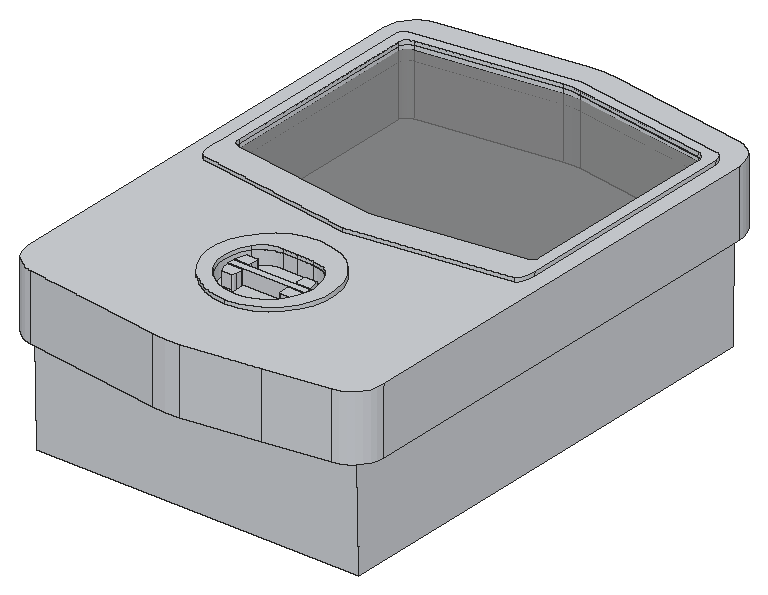
Revit family "Building-RicaricaVeicoliElettrici-GEWISS-JOINON-ICON", category Apparecchi elettrici, host Superficie, Revit 2019
Family settings
  Host = Superficie
  Mantenere orientamento annotazione = Sì
  Quota connettore circolare = Usa diametro
  Tipo di parte = Normale
  Taglio con vuoti quando caricato = No
  Condiviso = No
  Punto di calcolo locali = Sì
Parameters (values of type "GWJ3103A - JOINON I-CON AUTOSTART DLM 11KW T2")
  visibilita posizionamento 2d [instance] = yes
  simbolo acceso [instance] = yes
  oggetto in pianta [instance] = not(visibilita posizionamento 2d)  # no
  distanza_simbolo [instance] = 1 mm
  distanza dal piano [instance] = 10 mm
  W = 115 mm  # constant formula
  Voltaggio = 0 V
  Versione file RFA = "19.4"
  VETRO = Vetro
  URL = "https://www.gewiss.com/it/it"
  Trattamento esterno = "No"
  Tipologia Presa: = "Tipo 2 antivandalo con shutter"
  Tipo di protezione differenziale = "Attualmente non presente"
  Tipo di installazione e montaggio = "A parete o su supporto a pavimento"
  Tensione nominale di isolamento (Ui) = "400 Volt"
  Tensione nominale = "400 Volt"
  Temperatura di utilizzo = "-25 +50 °C"
  Spostamento_effettivo_S [instance] = 4000 mm - Spostamento_S  # 2500 mm
  Spostamento_S = 1500 mm
  Simbolo circuito [instance] = not(simbolo acceso)  # no
  Segnalazione BACKLIGHT = ""
  STRUTTURA ALTA = blue
  STRUTTURA = RAL - 7035
  Riarmo protezioni da remoto = "Attualmente non presente"
  Resistenza agli urti = "IK10"
  RFID = ""
  Protezioni = "DC Leak 6mA"
  Protezione magnetotermica = "Attualmente non presente"
  Default Elevation = 1219.2 mm
  Produttore = "GEWISS S.p.A."
  Potenza max = "11 Chilowatt"
  Potenza di ricarica = "11 kW"
  Potenza complessiva: = "11 Chilowatt"
  Personalizzabile: = "SI (frontale)"
  PRESA = Giallo
  POMELLO = bianco
  OUTPUT : = "-"
  Numero di prese (tipo) = "1 (Tipo 2, con shutter)"
  N.poli = 1
  N. Prese Tipo 2 = "1"
  Morsettiera: = "5 x 10 mm²"
  Modello = "GWJ3103A"
  Materiale = "Termoplastico (origine Post Industrial)"
  L = 155 mm  # constant formula
  Immagine tipo = ICON.jpg
  INPUT: = "-"
  IDF = "39411672-1068-4547-af07-d1586e25650a"
  Human Interface = "Led RGB"
  Grado di protezione = "IP55"
  FORMULA = 1000 mm * 1  # 1000 mm
  Descrizione = "JOINON I-CON AUTOSTART DLM 11KW T2"
  DC Leakage check = "Si"
  Creato da GEWISS S.p.A. = ""
  Corrente nominale: = "16 Ampere"
  Corrente erogata (max): = "16 Ampere"
  Contatore energia = ""
  Contatore di energia = "Attualmente non presente"
  ConnettivitÃ : = "BLE"
  Colore = "Grigio scuro"
  Codice Electrocod = "2242"
  Caratteristiche meccaniche = "-"
  COBie.Tagnumber = ""
  COBie.CreatedOn = ""
  COBie.CreatebBy = ""
  COBie.ComponentRegisterItemID = ""
  COBie.Component.TagNumber = ""
  COBie.Component.Space = ""
  COBie.Component.SerialNumber = ""
  COBie.Component.InstallationDate = ""
  COBie.Component.Description = ""
  COBie.Component.BarCode = ""
  BLOCCO = "B=C"
  Attivazione ricarica = "Accesso Libero, con gestione dinamica dei carichi"
Types (13, lengths in mm): name | Tensione nominale di isolamento (Ui) | Tensione nominale | Segnalazione BACKLIGHT | RFID | Potenza max | Potenza di ricarica | Potenza complessiva: | Numero di prese (tipo) | Morsettiera: | Modello | Descrizione | Corrente nominale: | Corrente erogata (max): | Contatore energia | Contatore di energia | ConnettivitÃ : | Attivazione ricarica
  GWJ3001A - JOINON I-CON AUTOSTART SEL100-60-30 4,6KW (NO INCASSO) T2 | "230 Volt" | "230 Volt" | "" | "" | "4,6 Chilowatt" | "4,6 kW" | "4,6 Chilowatt" | "1 (Tipo 2, con shutter)" | "3 x 10 mm²" | "GWJ3001A" | "JOINON I-CON AUTOSTART SEL100-60-30 4,6KW (NO INCASSO) T2" | "20 Ampere" | "20 Ampere" | "" | "Attualmente non presente" | "No" | "Accesso Libero"
  GWJ3002A - JOINON I-CON AUTOSTART SEL100-60-30 7,4KW (NO INCASSO) T2 | "230 Volt" | "230 Volt" | "" | "" | "7,4 Chilowatt" | "7,4 kW" | "7,4 Chilowatt" | "1 (Tipo 2, con shutter)" | "3 x 10 mm²" | "GWJ3002A" | "JOINON I-CON AUTOSTART SEL100-60-30 7,4KW (NO INCASSO) T2" | "32 Ampere" | "32 Ampere" | "" | "Attualmente non presente" | "No" | "Accesso Libero"
  GWJ3003A - JOINON I-CON AUTOSTART SEL100-60-30 11KW (NO INCASSO) T2 | "400 Volt" | "400 Volt" | "" | "" | "11 Chilowatt" | "11 kW" | "11 Chilowatt" | "1 (Tipo 2, con shutter)" | "5 x 10 mm²" | "GWJ3003A" | "JOINON I-CON AUTOSTART SEL100-60-30 11KW (NO INCASSO) T2" | "16 Ampere" | "16 Ampere" | "" | "Attualmente non presente" | "No" | "Accesso Libero"
  GWJ3004A - JOINON I-CON AUTOSTART SEL100-60-30 22KW (NO INCASSO) T2 | "400 Volt" | "400 Volt" | "" | "" | "22 Chilowatt" | "22 kW" | "22 Chilowatt" | "1 (Tipo 2, con shutter)" | "5 x 10 mm²" | "GWJ3004A" | "JOINON I-CON AUTOSTART SEL100-60-30 22KW (NO INCASSO) T2" | "32 Ampere" | "32 Ampere" | "" | "Attualmente non presente" | "No" | "Accesso Libero"
  GWJ3101A - JOINON I-CON AUTOSTART DLM 4,6KW T2 | "230 Volt" | "230 Volt" | "" | "" | "4,6 Chilowatt" | "4,6 kW" | "4,6 Chilowatt" | "1 (Tipo 2, con shutter)" | "3 x 10 mm²" | "GWJ3101A" | "JOINON I-CON AUTOSTART DLM 4,6KW T2" | "20 Ampere" | "20 Ampere" | "" | "Attualmente non presente" | "BLE" | "Accesso Libero, con gestione dinamica dei carichi"
  GWJ3102A - JOINON I-CON AUTOSTART DLM 7,4KW T2 | "230 Volt" | "230 Volt" | "" | "" | "7,4 Chilowatt" | "7,4 kW" | "7,4 Chilowatt" | "1 (Tipo 2, con shutter)" | "3 x 10 mm²" | "GWJ3102A" | "JOINON I-CON AUTOSTART DLM 7,4KW T2" | "32 Ampere" | "32 Ampere" | "" | "Attualmente non presente" | "BLE" | "Accesso Libero, con gestione dinamica dei carichi"
  GWJ3103A - JOINON I-CON AUTOSTART DLM 11KW T2 | "400 Volt" | "400 Volt" | "" | "" | "11 Chilowatt" | "11 kW" | "11 Chilowatt" | "1 (Tipo 2, con shutter)" | "5 x 10 mm²" | "GWJ3103A" | "JOINON I-CON AUTOSTART DLM 11KW T2" | "16 Ampere" | "16 Ampere" | "" | "Attualmente non presente" | "BLE" | "Accesso Libero, con gestione dinamica dei carichi"
  GWJ3002R - JOINON I-CON RFID 7,4KW T2 | "230 Volt" | "230 Volt" | "Si" | "Si" | "7,4 Chilowatt" | "7,4 kW" | "7,4 Chilowatt" | "1 (Tipo 2, anti-vandalo con shutter)" | "3 x 10 mm²" | "GWJ3002R" | "JOINON I-CON RFID 7,4KW T2" | "32 Ampere" | "32 Ampere" | "No" | "Attualmente non presente" | "No" | "Gestito localmente, via RFID"
  GWJ3004R - JOINON I-CON RFID 22KW T2 | "400 Volt" | "400 Volt" | "" | "Si" | "22 Chilowatt" | "22 kW" | "22 Chilowatt" | "1 (Tipo 2, anti-vandalo con shutter)" | "5 x 10 mm²" | "GWJ3004R" | "JOINON I-CON RFID 22KW T2" | "32 Ampere" | "32 Ampere" | "No" | "Attualmente non presente" | "No" | "Gestito localmente, via RFID"
  GWJ3002L - JOINON I-CON CLOUD LAN 7,4KW MID T2 | "230 Volt" | "230 Volt" | "" | "Si" | "7,4 Chilowatt" | "7,4 kW" | "7,4 Chilowatt" | "1 (Tipo 2, anti-vandalo con shutter)" | "3 x 10 mm²" | "GWJ3002L" | "JOINON I-CON CLOUD LAN 7,4KW MID T2" | "32 Ampere" | "32 Ampere" | "SI (Tipo MID)" | "SI (Tipo MID)" | "LAN" | "Gestito da remoto, via OCPP 1.6J"
  GWJ3004L - JOINON I-CON CLOUD LAN 22KW MID T2 | "400 Volt" | "400 Volt" | "" | "Si" | "22 Chilowatt" | "22 kW" | "22 Chilowatt" | "1 (Tipo 2, anti-vandalo con shutter)" | "5 x 10 mm²" | "GWJ3004L" | "JOINON I-CON CLOUD LAN 22KW MID T2" | "32 Ampere" | "32 Ampere" | "SI (Tipo MID)" | "SI (Tipo MID)" | "LAN" | "Gestito da remoto, via OCPP 1.6J"
  GWJ3002W - JOINON I-CON CLOUD 4G LAN 7,4KW MID T2 | "230 Volt" | "230 Volt" | "" | "Si" | "7,4 Chilowatt" | "7,4 kW" | "7,4 Chilowatt" | "1 (Tipo 2, anti-vandalo con shutter)" | "3 x 10 mm²" | "GWJ3002W" | "JOINON I-CON CLOUD 4G LAN 7,4KW MID T2" | "32 Ampere" | "32 Ampere" | "SI (Tipo MID)" | "SI (Tipo MID)" | "LAN, 4G" | "Gestito da remoto, via OCPP 1.6J"
  GWJ3004W - JOINON I-CON CLOUD 4G LAN 22KW MID T2 | "400 Volt" | "400 Volt" | "" | "Si" | "22 Chilowatt" | "22 kW" | "22 Chilowatt" | "1 (Tipo 2, anti-vandalo con shutter)" | "5 x 10 mm²" | "GWJ3004W" | "JOINON I-CON CLOUD 4G LAN 22KW MID T2" | "32 Ampere" | "32 Ampere" | "SI (Tipo MID)" | "SI (Tipo MID)" | "LAN, 4G" | "Gestito da remoto, via OCPP 1.6J"
Reference planes
  plane 1 "Centro (Fronte/Retro)": y = 0
  plane 2: z = 0
  plane 3 "Centro (Sinistra/Destra)": x = 0
  plane 4: x = -3000
  plane 5: x = -500
  plane 6: z = 10
Dimensions and locks
  plane 4 to plane 3 "Centro (Sinistra/Destra)" = 3000 mm
  "Spostamento_effettivo_S": plane 4 to plane 5
  "distanza dal piano": plane 6 to plane 2
  aligned and locked: plane 2 to host face
  aligned and locked: level to host face
  aligned and locked: nested 2 to plane 5
Automatic sketch dimensions
  host sketch curve to host sketch curve = 2438.4 mm  (x2)
Nested families
  nested 1: "BASE_I-CON CON PRESA FISSA" at (0, 0, 0), type "BASE_I-CON CON PRESA FISSA"
  nested 2: "simb_ev_o3" at (-500, 214.941, 0), Distanza dal muro <- "distanza_simbolo", type "2P"
    with Distanza dal muro 1 mm
Connectors
  electrical at (0.281, 219.499, 0)
    settings: on nested 1, index 1, voltage 0 V, apparent load 0 VA, apparent load phase1 0 VA, apparent load phase2 0 VA, apparent load phase3 0 VA, power factor 1, load classification "Altro", number of poles 1, system type 31, power factor state 1, is connector primary yes, connector utility no, sub classification motor no, connector description ""
Definition of nested family "BASE_I-CON CON PRESA FISSA"
  Parameters (values of type "BASE_I-CON CON PRESA FISSA")
    POTENZA IN WOLT = 0 V
    N_POLI = 1
    CENTRALE = none
  Reference planes
    plane 1 "Centro (Fronte/Retro)": y = 0
    plane 2: z = 0
    plane 3 "Centro (Sinistra/Destra)": x = 0
    plane 4 "EEE": through (4267.2, -291.041, 143.375) normal (0, -0.788, -0.6157)
    plane 5: x = 48
    plane 6: x = -141.324
    plane 7: x = 141.324
    plane 8: x = -136.646
    plane 9: x = 136.646
    plane 10: x = -127.947
    plane 11: x = 128.509
    plane 12: z = 133.866
    plane 13: z = 125.731
    plane 14: z = 137
    plane 15: z = 140
    plane 16: y = 104.612
    plane 17: z = 84.731
  Forms (mm)
    Extrusion 1, solid, not visible
      sketch origin (0, 200.09, -256.103) x (0, 1, 0) y (0, 0, 1)
        loop
          line (-322.202, 218.222) -> (-266.481, 146.902) -> (-251.685, 146.876) -> (-251.685, 134.073) -> (-238.63, 134.073) -> (-238.63, 266.073) -> (-251.685, 266.073) -> (-251.685, 242.988) -> (-260.817, 242.988)
          arc (-260.817, 242.988) -> (-271.303, 241.907) -> (-281.357, 238.739) r 51.89
          line (-281.357, 238.739) -> (-239.989, 200.756)
          arc (-239.989, 200.756) -> (-243.657, 186.196) -> (-258.66, 185.608) r 12.53
          arc (-258.66, 185.608) -> (-277.82, 196.415) -> (-294.049, 211.266) r 96.883
          arc (-294.049, 211.266) -> (-301.135, 220.206) -> (-308.19, 229.17) r 3334.308
          line (-308.19, 229.17) -> (-322.202, 218.222)
      from 0 to 71
    Extrusion 2, solid, not visible
      sketch origin (0, 200.09, -256.103) x (0, 1, 0) y (0, 0, 1)
        loop
          arc (-313.71, 246.882) -> (-293.021, 210.103) -> (-258.66, 185.608) r 96.883
          arc (-258.66, 185.608) -> (-243.657, 186.196) -> (-239.989, 200.756) r 12.53
          line (-239.989, 200.756) -> (-280.857, 238.28)
          arc (-280.857, 238.28) -> (-296.734, 241.043) -> (-310.55, 249.339) r 43.984
          line (-310.55, 249.339) -> (-313.71, 246.882)
      from 0 to 71
    Extrusion 3, solid, not visible
      sketch origin (0, 200.09, -256.103) x (0, 1, 0) y (0, 0, 1)
        loop
          line (-322.202, 218.222) -> (-338.825, 205.235) -> (-290.465, 143.337)
          arc (-290.465, 143.337) -> (-278.287, 143.866) -> (-266.482, 146.903) r 58.569
          line (-266.482, 146.903) -> (-322.202, 218.222)
      from 0 to 71
    Extrusion 4, solid, not visible
      sketch origin (2.5, 142.247, -281.955) x (0, 0.615661, -0.788011) y (1, 0, 0)
        loop
          circle (-320.903, 33.712) r 30
      from 79.145 to 104.145
    Extrusion 5, solid, not visible
      sketch origin (0, 0, 0) x (0, 1, 0) y (0, 0, 1)
        loop
          line (-38.54, 9.97) -> (-38.54, -124.428) -> (-37.165, -124.428) -> (-37.165, 9.97) -> (-38.54, 9.97)
      from 0 to 71
    Extrusion 6, solid
      sketch origin (0, 0, 0) x (1, 0, 0) y (0, 1, 0)
        loop
          line (69.781, 10.962) -> (119.713, 17.98)
          arc (119.713, 17.98) -> (135.166, 26.37) -> (141.324, 42.84) r 25.105
          line (141.324, 42.84) -> (141.324, 396.518)
          arc (141.324, 396.518) -> (135.166, 412.988) -> (119.713, 421.378) r 25.105
          line (119.713, 421.378) -> (11.149, 436.636)
          arc (11.149, 436.636) -> (0.281, 437.396) -> (-10.588, 436.636) r 78.094
          line (-10.588, 436.636) -> (-119.713, 421.299)
          arc (-119.713, 421.299) -> (-135.166, 412.909) -> (-141.324, 396.439) r 25.105
          line (-141.324, 396.439) -> (-141.324, 42.919)
          arc (-141.324, 42.919) -> (-135.166, 26.449) -> (-119.713, 18.059) r 25.105
          line (-119.713, 18.059) -> (-10.857, 2.76)
          arc (-10.857, 2.76) -> (0.011, 1.992) -> (10.88, 2.744) r 78.094
          line (10.88, 2.744) -> (69.781, 10.962)
      from 84.731 to 137
    Extrusion 7, void
      sketch origin (0, 0, 0) x (1, 0, 0) y (0, 1, 0)
        loop
          line (-6.412, 405.303) -> (-112.823, 390.348)
          arc (-112.823, 390.348) -> (-117.747, 387.674) -> (-119.71, 382.426) r 8
          line (-119.71, 382.426) -> (-119.71, 224.237)
          arc (-119.71, 224.237) -> (-117.993, 219.644) -> (-113.684, 217.305) r 7
          line (-113.684, 217.305) -> (-6.599, 202.255)
          arc (-6.599, 202.255) -> (0.29, 201.773) -> (7.179, 202.255) r 49.5
          line (7.179, 202.255) -> (114.265, 217.305)
          arc (114.265, 217.305) -> (118.573, 219.644) -> (120.29, 224.237) r 7
          line (120.29, 224.237) -> (120.29, 382.426)
          arc (120.29, 382.426) -> (118.328, 387.674) -> (113.404, 390.348) r 8
          line (113.404, 390.348) -> (6.992, 405.303)
          arc (6.992, 405.303) -> (0.29, 405.772) -> (-6.412, 405.303) r 48.155
      from 84.731 to 137
    Extrusion 8, solid
      sketch origin (0, 0, 0) x (1, 0, 0) y (0, 1, 0)
        loop
          arc (-112.823, 390.348) -> (-117.747, 387.674) -> (-119.71, 382.426) r 8
          line (-119.71, 382.426) -> (-119.71, 224.237)
          arc (-119.71, 224.237) -> (-117.993, 219.644) -> (-113.684, 217.305) r 7
          line (-113.684, 217.305) -> (-6.599, 202.255)
          arc (-6.599, 202.255) -> (0.29, 201.773) -> (7.179, 202.255) r 49.5
          line (7.179, 202.255) -> (114.265, 217.305)
          arc (114.265, 217.305) -> (118.573, 219.644) -> (120.29, 224.237) r 7
          line (120.29, 224.237) -> (120.29, 382.426)
          arc (120.29, 382.426) -> (118.328, 387.674) -> (113.404, 390.348) r 8
          line (113.404, 390.348) -> (6.992, 405.303)
          arc (6.992, 405.303) -> (0.29, 405.772) -> (-6.412, 405.303) r 48.155
          line (-6.412, 405.303) -> (-112.823, 390.348)
      from 125.731 to 133.866
    Extrusion 9, solid
      sketch origin (0, 0, 0) x (1, 0, 0) y (0, 1, 0)
        loop
          line (-124.082, 195.284) -> (0.281, 177.806) -> (123.363, 195.104)
          spline (123.363, 195.104) -> (124.156, 195.312) -> (124.89, 195.698) -> (125.561, 196.261) -> (126.169, 196.998) -> (126.709, 197.908) -> (127.182, 198.987) -> (127.584, 200.231) -> (127.916, 201.637) -> (128.174, 203.199) -> (128.36, 204.912) -> (128.472, 206.77) -> (128.509, 208.768)
          line (128.509, 208.768) -> (128.509, 388.713)
          spline (128.509, 388.713) -> (128.452, 389.903) -> (128.28, 391.028) -> (127.995, 392.083) -> (127.598, 393.062) -> (127.091, 393.959) -> (126.477, 394.77) -> (125.76, 395.491) -> (124.942, 396.117) -> (124.028, 396.646) -> (123.023, 397.075) -> (121.933, 397.402) -> (120.762, 397.624)
          line (120.762, 397.624) -> (0.281, 414.557) -> (-120.2, 397.624)
          spline (-120.2, 397.624) -> (-121.371, 397.402) -> (-122.461, 397.075) -> (-123.466, 396.646) -> (-124.38, 396.117) -> (-125.198, 395.491) -> (-125.916, 394.77) -> (-126.53, 393.959) -> (-127.036, 393.062) -> (-127.433, 392.083) -> (-127.718, 391.028) -> (-127.89, 389.903) -> (-127.947, 388.713)
          line (-127.947, 388.713) -> (-127.947, 217.73)
          spline (-127.947, 217.73) -> (-128.249, 214.663) -> (-128.436, 211.771) -> (-128.508, 209.068) -> (-128.463, 206.57) -> (-128.303, 204.29) -> (-128.027, 202.24) -> (-127.638, 200.43) -> (-127.137, 198.871) -> (-126.528, 197.57) -> (-125.813, 196.536) -> (-124.996, 195.772) -> (-124.082, 195.284)
        loop
          line (-6.412, 405.303) -> (-112.823, 390.348)
          arc (-112.823, 390.348) -> (-117.747, 387.674) -> (-119.71, 382.426) r 8
          line (-119.71, 382.426) -> (-119.71, 224.237)
          arc (-119.71, 224.237) -> (-117.993, 219.644) -> (-113.684, 217.305) r 7
          line (-113.684, 217.305) -> (-6.599, 202.255)
          arc (-6.599, 202.255) -> (0.29, 201.773) -> (7.179, 202.255) r 49.5
          line (7.179, 202.255) -> (114.265, 217.305)
          arc (114.265, 217.305) -> (118.573, 219.644) -> (120.29, 224.237) r 7
          line (120.29, 224.237) -> (120.29, 382.426)
          arc (120.29, 382.426) -> (118.328, 387.674) -> (113.404, 390.348) r 8
          line (113.404, 390.348) -> (6.992, 405.303)
          arc (6.992, 405.303) -> (0.29, 405.772) -> (-6.412, 405.303) r 48.155
      from 137 to 140
    Extrusion 10, solid
      sketch origin (0, 0, 0) x (1, 0, 0) y (0, 1, 0)
        loop
          arc (0, 155.675) -> (-47.265, 108.175) -> (0, 60.676) r 47.5
          arc (0, 60.676) -> (47.265, 108.175) -> (0, 155.675) r 47.5
        loop
          arc (-11.893, 133.359) -> (-22.012, 131.13) -> (-29.648, 124.126) r 19.952
          arc (-29.648, 124.126) -> (-35.161, 105.168) -> (-29.648, 86.209) r 35.357
          arc (-29.648, 86.209) -> (-16.916, 74.227) -> (0, 69.811) r 35.357
          arc (0, 69.811) -> (16.916, 74.227) -> (29.648, 86.209) r 35.357
          arc (29.648, 86.209) -> (35.161, 105.168) -> (29.648, 124.126) r 35.357
          arc (29.648, 124.126) -> (22.012, 131.13) -> (11.893, 133.359) r 19.952
          line (11.893, 133.359) -> (0.235, 133.359) -> (-11.893, 133.359)
      from 137 to 140
    Extrusion 11, void
      sketch origin (0, 0, 0) x (1, 0, 0) y (0, 1, 0)
        loop
          arc (-11.893, 133.359) -> (-22.012, 131.13) -> (-29.648, 124.126) r 19.952
          arc (-29.648, 124.126) -> (-35.161, 105.168) -> (-29.648, 86.209) r 35.357
          arc (-29.648, 86.209) -> (-16.916, 74.227) -> (0, 69.811) r 35.357
          arc (0, 69.811) -> (16.916, 74.227) -> (29.648, 86.209) r 35.357
          arc (29.648, 86.209) -> (35.161, 105.168) -> (29.648, 124.126) r 35.357
          arc (29.648, 124.126) -> (22.012, 131.13) -> (11.893, 133.359) r 19.952
          line (11.893, 133.359) -> (0.235, 133.359) -> (-11.893, 133.359)
      from 125.731 to 137
    Extrusion 12, solid
      sketch origin (0, 0, 0) x (1, 0, 0) y (0, 1, 0)
        loop
          arc (-30.461, 107.982) -> (-30.598, 105.075) -> (-30.461, 102.169) r 30.831
          line (-30.461, 102.169) -> (30.927, 102.169)
          arc (30.927, 102.169) -> (31.064, 105.075) -> (30.927, 107.982) r 30.831
          line (30.927, 107.982) -> (-30.461, 107.982)
        loop
          arc (-27.744, 117.848) -> (-29.421, 113.231) -> (-30.341, 108.406) r 30.755
          line (-30.341, 108.406) -> (-19.76, 108.406)
          arc (-19.76, 108.406) -> (-18.652, 108.865) -> (-18.193, 109.973) r 1.567
          line (-18.193, 109.973) -> (-18.193, 115.844)
          arc (-18.193, 115.844) -> (-18.488, 117.228) -> (-19.76, 117.848) r 1.615
          line (-19.76, 117.848) -> (-27.744, 117.848)
        loop
          line (-27.744, 92.303) -> (-19.76, 92.303)
          arc (-19.76, 92.303) -> (-18.488, 92.923) -> (-18.193, 94.307) r 1.615
          line (-18.193, 94.307) -> (-18.193, 100.178)
          arc (-18.193, 100.178) -> (-18.652, 101.286) -> (-19.76, 101.745) r 1.567
          line (-19.76, 101.745) -> (-30.341, 101.745)
          arc (-30.341, 101.745) -> (-29.421, 96.92) -> (-27.744, 92.303) r 30.755
        loop
          line (27.744, 117.848) -> (19.76, 117.848)
          arc (19.76, 117.848) -> (18.488, 117.228) -> (18.193, 115.844) r 1.615
          line (18.193, 115.844) -> (18.193, 109.973)
          arc (18.193, 109.973) -> (18.652, 108.865) -> (19.76, 108.406) r 1.567
          line (19.76, 108.406) -> (30.341, 108.406)
          arc (30.341, 108.406) -> (29.421, 113.231) -> (27.744, 117.848) r 30.755
        loop
          arc (27.744, 92.303) -> (29.421, 96.92) -> (30.341, 101.745) r 30.755
          line (30.341, 101.745) -> (19.76, 101.745)
          arc (19.76, 101.745) -> (18.652, 101.286) -> (18.193, 100.178) r 1.567
          line (18.193, 100.178) -> (18.193, 94.307)
          arc (18.193, 94.307) -> (18.488, 92.923) -> (19.76, 92.303) r 1.615
          line (19.76, 92.303) -> (27.744, 92.303)
      from 125.731 to 137
    Extrusion 13, solid
      sketch origin (0, 0, 0) x (0, 1, 0) y (0, 0, 1)
        loop
          line (33.569, 0) -> (405.428, 0) -> (406.907, 84.731) -> (32.09, 84.731) -> (33.569, 0)
      from -127.947 to 128.509
  Cuts and joins
    Extrusion 7, Extrusion 11 cuts Extrusion 6
    Extrusion 11 cuts Extrusion 10
  Dimensions and locks
    locked: plane 6 to plane 8 at 4.678
    locked: plane 9 to plane 7 at 4.678
    equal spacing: plane 6, plane 3 "Centro (Sinistra/Destra)", plane 7
    locked: plane 8 to plane 10 at 8.699
    locked: plane 11 to plane 9 at 8.137
    locked: plane 12 to plane 13 at 8.135
    locked: plane 14 to plane 12 at 3.134
    locked: plane 15 to plane 14 at 3
    locked: plane 17 to plane 13 at 41
    plane 15 to level = 140 mm
    aligned and locked: level to plane 2
    aligned and locked: Extrusion 4 to Extrusion 3
    aligned and locked: plane 6 to Extrusion 6 sketch curve
    aligned and locked: Extrusion 6 sketch curve to plane 7
    aligned and locked: Extrusion 6 to Extrusion 7  (x2)
    aligned and locked: cut or joined group of Extrusion 6, Extrusion 7, Extrusion 11 to plane 14
    aligned and locked: plane 14 to Extrusion 9
    aligned and locked: Extrusion 9 to plane 15
    aligned and locked: plane 17 to cut or joined group of Extrusion 6, Extrusion 7, Extrusion 11
    aligned and locked: Extrusion 8 to plane 13
    aligned and locked: plane 12 to Extrusion 8
    aligned and locked: plane 14 to Extrusion 10
    aligned and locked: Extrusion 10 to plane 15
    aligned and locked: Extrusion 6 to Extrusion 11
    aligned and locked: Extrusion 11 to Extrusion 8
    aligned and locked: Extrusion 12 to plane 14
    aligned and locked: Extrusion 12 to plane 13
    aligned and locked: Extrusion 13 sketch curve to level
    aligned and locked: plane 10 to Extrusion 13
    aligned and locked: Extrusion 13 to plane 11
  Automatic sketch dimensions
    Extrusion 6 sketch curve to plane 8 = 16.933 mm  (x2)
    Extrusion 6 sketch curve to plane 8 = 20.427 mm  (x2)
    Extrusion 6 sketch curve to plane 1 "Centro (Fronte/Retro)" = 2.76 mm
    Extrusion 6 sketch curve to plane 3 "Centro (Sinistra/Destra)" = 10.857 mm
    Extrusion 6 sketch curve to plane 3 "Centro (Sinistra/Destra)" = 10.588 mm
    plane 3 "Centro (Sinistra/Destra)" to Extrusion 6 sketch curve = 0.067 mm
    plane 3 "Centro (Sinistra/Destra)" to Extrusion 6 sketch curve = 0.281 mm
    Extrusion 6 sketch curve to plane 1 "Centro (Fronte/Retro)" = 2.744 mm
    plane 3 "Centro (Sinistra/Destra)" to Extrusion 6 sketch curve = 10.88 mm
    plane 3 "Centro (Sinistra/Destra)" to Extrusion 6 sketch curve = 11.149 mm
    plane 9 to Extrusion 6 sketch curve = 20.427 mm  (x2)
    plane 9 to Extrusion 6 sketch curve = 16.933 mm  (x2)
    Extrusion 6 sketch curve to plane 1 "Centro (Fronte/Retro)" = 17.98 mm
    Extrusion 6 sketch curve to plane 1 "Centro (Fronte/Retro)" = 18.059 mm
    Extrusion 6 sketch curve to Extrusion 6 sketch curve = 279.216 mm
    Extrusion 6 sketch curve to Extrusion 6 sketch curve = 37.137 mm
    Extrusion 6 sketch curve to Extrusion 6 sketch curve = 37.216 mm
    Extrusion 6 sketch curve to Extrusion 6 sketch curve = 77.334 mm
    Extrusion 6 sketch curve to plane 5 = 21.781 mm
    Extrusion 6 sketch curve to plane 1 "Centro (Fronte/Retro)" = 10.962 mm
    Extrusion 7 sketch curve to plane 10 = 8.237 mm
    Extrusion 7 sketch curve to Extrusion 7 sketch curve = 6.026 mm
    Extrusion 7 sketch curve to Extrusion 7 sketch curve = 6.887 mm
    Extrusion 7 sketch curve to Extrusion 7 sketch curve = 7 mm
    Extrusion 7 sketch curve to Extrusion 7 sketch curve = 1.113 mm  (x2)
    Extrusion 7 sketch curve to plane 3 "Centro (Sinistra/Destra)" = 6.599 mm
    Extrusion 7 sketch curve to plane 3 "Centro (Sinistra/Destra)" = 6.412 mm
    plane 3 "Centro (Sinistra/Destra)" to Extrusion 7 sketch curve = 0.29 mm  (x2)
    plane 3 "Centro (Sinistra/Destra)" to Extrusion 7 sketch curve = 6.992 mm
    plane 3 "Centro (Sinistra/Destra)" to Extrusion 7 sketch curve = 7.179 mm
    plane 11 to Extrusion 7 sketch curve = 16.218 mm
    plane 11 to Extrusion 7 sketch curve = 15.218 mm
    Extrusion 7 sketch curve to Extrusion 7 sketch curve = 0.974 mm
    Extrusion 7 sketch curve to Extrusion 7 sketch curve = 8 mm
    Extrusion 7 sketch curve to plane 1 "Centro (Fronte/Retro)" = 202.255 mm
    Extrusion 7 sketch curve to Extrusion 7 sketch curve = 15.05 mm  (x2)
    Extrusion 7 sketch curve to Extrusion 7 sketch curve = 49.018 mm
    Extrusion 7 sketch curve to Extrusion 7 sketch curve = 106.344 mm
    Extrusion 7 sketch curve to Extrusion 7 sketch curve = 24.809 mm  (x2)
    Extrusion 7 sketch curve to Extrusion 7 sketch curve = 47.686 mm
    Extrusion 8 sketch curve to plane 10 = 8.237 mm
    Extrusion 8 sketch curve to Extrusion 8 sketch curve = 6.026 mm
    Extrusion 8 sketch curve to Extrusion 8 sketch curve = 6.887 mm
    Extrusion 8 sketch curve to Extrusion 8 sketch curve = 0.974 mm  (x2)
    Extrusion 8 sketch curve to Extrusion 8 sketch curve = 1.113 mm  (x2)
    Extrusion 8 sketch curve to plane 3 "Centro (Sinistra/Destra)" = 6.599 mm
    Extrusion 8 sketch curve to plane 3 "Centro (Sinistra/Destra)" = 6.412 mm
    plane 3 "Centro (Sinistra/Destra)" to Extrusion 8 sketch curve = 0.29 mm  (x2)
    plane 3 "Centro (Sinistra/Destra)" to Extrusion 8 sketch curve = 6.992 mm
    plane 3 "Centro (Sinistra/Destra)" to Extrusion 8 sketch curve = 7.179 mm
    plane 11 to Extrusion 8 sketch curve = 16.218 mm
    plane 11 to Extrusion 8 sketch curve = 15.218 mm
    Extrusion 8 sketch curve to Extrusion 8 sketch curve = 8 mm
    Extrusion 8 sketch curve to plane 1 "Centro (Fronte/Retro)" = 202.255 mm
    Extrusion 8 sketch curve to Extrusion 8 sketch curve = 15.05 mm  (x2)
    Extrusion 8 sketch curve to Extrusion 8 sketch curve = 49.018 mm
    Extrusion 8 sketch curve to Extrusion 8 sketch curve = 106.344 mm
    Extrusion 8 sketch curve to Extrusion 8 sketch curve = 24.809 mm  (x2)
    Extrusion 8 sketch curve to Extrusion 8 sketch curve = 47.686 mm
    Extrusion 9 sketch curve to plane 10 = 0 mm
    Extrusion 9 sketch curve to plane 10 = 3.866 mm
    Extrusion 9 sketch curve to plane 10 = 7.747 mm
    Extrusion 9 sketch curve to plane 10 = 8.237 mm
    Extrusion 9 sketch curve to Extrusion 9 sketch curve = 6.026 mm
    Extrusion 9 sketch curve to Extrusion 9 sketch curve = 7.377 mm
    Extrusion 9 sketch curve to Extrusion 9 sketch curve = 7 mm
    Extrusion 9 sketch curve to Extrusion 9 sketch curve = 1.113 mm  (x2)
    Extrusion 9 sketch curve to plane 3 "Centro (Sinistra/Destra)" = 6.599 mm
    Extrusion 9 sketch curve to plane 3 "Centro (Sinistra/Destra)" = 6.412 mm
    plane 3 "Centro (Sinistra/Destra)" to Extrusion 9 sketch curve = 0.281 mm  (x2)
    plane 3 "Centro (Sinistra/Destra)" to Extrusion 9 sketch curve = 0.29 mm  (x2)
    plane 3 "Centro (Sinistra/Destra)" to Extrusion 9 sketch curve = 6.992 mm
    plane 3 "Centro (Sinistra/Destra)" to Extrusion 9 sketch curve = 7.179 mm
    plane 11 to Extrusion 9 sketch curve = 16.218 mm
    plane 11 to Extrusion 9 sketch curve = 15.218 mm
    Extrusion 9 sketch curve to Extrusion 9 sketch curve = 0.974 mm
    Extrusion 9 sketch curve to Extrusion 9 sketch curve = 8 mm
    plane 11 to Extrusion 9 sketch curve = 7.747 mm
    plane 11 to Extrusion 9 sketch curve = 5.146 mm
    Extrusion 9 sketch curve to plane 11 = 0 mm
    Extrusion 9 sketch curve to plane 1 "Centro (Fronte/Retro)" = 177.806 mm
    Extrusion 9 sketch curve to Extrusion 9 sketch curve = 17.298 mm
    Extrusion 9 sketch curve to Extrusion 9 sketch curve = 17.478 mm
    Extrusion 9 sketch curve to Extrusion 9 sketch curve = 24.449 mm
    Extrusion 9 sketch curve to Extrusion 9 sketch curve = 13.664 mm
    Extrusion 9 sketch curve to Extrusion 9 sketch curve = 22.021 mm
    Extrusion 9 sketch curve to Extrusion 9 sketch curve = 8.537 mm
    Extrusion 9 sketch curve to Extrusion 9 sketch curve = 6.507 mm
    Extrusion 9 sketch curve to Extrusion 9 sketch curve = 49.018 mm
    Extrusion 9 sketch curve to Extrusion 9 sketch curve = 106.344 mm
    Extrusion 9 sketch curve to Extrusion 9 sketch curve = 24.809 mm  (x2)
    Extrusion 9 sketch curve to Extrusion 9 sketch curve = 6.287 mm  (x2)
    Extrusion 9 sketch curve to Extrusion 9 sketch curve = 7.276 mm  (x2)
    Extrusion 9 sketch curve to Extrusion 9 sketch curve = 47.686 mm
    Extrusion 9 sketch curve to Extrusion 9 sketch curve = 9.254 mm
    Extrusion 9 sketch curve to Extrusion 9 sketch curve = 0.098 mm
    Extrusion 9 sketch curve to plane 10 = 21.226 mm
    Extrusion 9 sketch curve to Extrusion 9 sketch curve = 5.546 mm
    Extrusion 9 sketch curve to Extrusion 9 sketch curve = 19.752 mm
    plane 11 to Extrusion 9 sketch curve = 21.787 mm
    Extrusion 9 sketch curve to Extrusion 9 sketch curve = 5.564 mm
    Extrusion 9 sketch curve to Extrusion 9 sketch curve = 0.621 mm
    plane 11 to Extrusion 9 sketch curve = 2.031 mm
    Extrusion 10 sketch curve to Extrusion 10 sketch curve = 0 mm  (x6)
    Extrusion 10 sketch curve to plane 3 "Centro (Sinistra/Destra)" = 0 mm  (x3)
    Extrusion 10 sketch curve to plane 3 "Centro (Sinistra/Destra)" = 0.196 mm
    Extrusion 10 sketch curve to plane 3 "Centro (Sinistra/Destra)" = 0.235 mm
    Extrusion 10 sketch curve to plane 3 "Centro (Sinistra/Destra)" = 11.893 mm
    Extrusion 10 sketch curve to plane 16 = 8.817 mm  (x2)
    Extrusion 10 sketch curve to plane 3 "Centro (Sinistra/Destra)" = 12.808 mm
    plane 3 "Centro (Sinistra/Destra)" to Extrusion 10 sketch curve = 0.196 mm
    plane 3 "Centro (Sinistra/Destra)" to Extrusion 10 sketch curve = 0.235 mm  (x2)
    Extrusion 10 sketch curve to Extrusion 10 sketch curve = 11.658 mm
    plane 3 "Centro (Sinistra/Destra)" to Extrusion 10 sketch curve = 12.808 mm
    Extrusion 10 sketch curve to plane 16 = 3.564 mm
    Extrusion 10 sketch curve to plane 16 = 0.556 mm
    Extrusion 10 sketch curve to Extrusion 10 sketch curve = 19.931 mm
    Extrusion 10 sketch curve to plane 3 "Centro (Sinistra/Destra)" = 29.648 mm
    plane 5 to Extrusion 10 sketch curve = 18.352 mm
    Extrusion 10 sketch curve to Extrusion 10 sketch curve = 9.135 mm
    Extrusion 11 sketch curve to Extrusion 11 sketch curve = 0 mm  (x6)
    Extrusion 11 sketch curve to plane 3 "Centro (Sinistra/Destra)" = 0 mm
    Extrusion 11 sketch curve to plane 3 "Centro (Sinistra/Destra)" = 0.196 mm
    Extrusion 11 sketch curve to plane 3 "Centro (Sinistra/Destra)" = 11.893 mm
    Extrusion 11 sketch curve to plane 3 "Centro (Sinistra/Destra)" = 12.808 mm
    plane 3 "Centro (Sinistra/Destra)" to Extrusion 11 sketch curve = 0.196 mm
    plane 3 "Centro (Sinistra/Destra)" to Extrusion 11 sketch curve = 0.235 mm
    Extrusion 11 sketch curve to Extrusion 11 sketch curve = 11.658 mm
    Extrusion 11 sketch curve to plane 16 = 8.817 mm  (x2)
    plane 3 "Centro (Sinistra/Destra)" to Extrusion 11 sketch curve = 12.808 mm
    Extrusion 11 sketch curve to plane 16 = 0.556 mm
    Extrusion 11 sketch curve to Extrusion 11 sketch curve = 19.931 mm
    Extrusion 11 sketch curve to plane 3 "Centro (Sinistra/Destra)" = 29.648 mm
    plane 5 to Extrusion 11 sketch curve = 18.352 mm
    Extrusion 12 sketch curve to Extrusion 12 sketch curve = 0 mm  (x12)
    Extrusion 12 sketch curve to plane 16 = 3.371 mm
    Extrusion 12 sketch curve to plane 3 "Centro (Sinistra/Destra)" = 30.461 mm
    plane 16 to Extrusion 12 sketch curve = 2.443 mm
    Extrusion 12 sketch curve to Extrusion 12 sketch curve = 0.12 mm  (x2)
    Extrusion 12 sketch curve to Extrusion 12 sketch curve = 2.597 mm  (x3)
    Extrusion 12 sketch curve to Extrusion 12 sketch curve = 7.984 mm  (x3)
    plane 16 to Extrusion 12 sketch curve = 4.434 mm  (x2)
    Extrusion 12 sketch curve to Extrusion 12 sketch curve = 10.581 mm
    Extrusion 12 sketch curve to Extrusion 12 sketch curve = 1.567 mm  (x6)
    Extrusion 12 sketch curve to plane 3 "Centro (Sinistra/Destra)" = 0.233 mm
    plane 3 "Centro (Sinistra/Destra)" to Extrusion 12 sketch curve = 0.233 mm
    plane 3 "Centro (Sinistra/Destra)" to Extrusion 12 sketch curve = 18.193 mm
    Extrusion 12 sketch curve to plane 16 = 11.232 mm
    Extrusion 12 sketch curve to plane 16 = 3.794 mm  (x2)
    Extrusion 12 sketch curve to Extrusion 12 sketch curve = 0.586 mm
    Extrusion 12 sketch curve to Extrusion 12 sketch curve = 5.871 mm  (x2)
    Extrusion 12 sketch curve to Extrusion 12 sketch curve = 0.389 mm  (x2)
    Extrusion 12 sketch curve to Extrusion 12 sketch curve = 2.004 mm
    plane 17 to Extrusion 13 sketch curve = 0 mm
    Extrusion 13 sketch curve to plane 1 "Centro (Fronte/Retro)" = 32.09 mm
    Extrusion 13 sketch curve to plane 1 "Centro (Fronte/Retro)" = 33.569 mm
    Extrusion 13 sketch curve to plane 16 = 300.816 mm
    Extrusion 13 sketch curve to Extrusion 13 sketch curve = 1.479 mm
Definition of nested family "simb_ev_o3"
  Parameters (values of type "EV")
    Distanza dal muro [instance] = 0 mm
  Types (3, lengths in mm): name | Distanza dal muro
    EV | 0
    3P | 3.301
    2P | 0
  Reference planes
    plane 1: y = 0
    plane 2: x = 0
  Dimensions and locks
    "Distanza dal muro": plane 1 to nested 1
    aligned and locked: plane 2 to nested 1
  Nested families
    nested 1: "SImb_EV_o3_base" at (0, 0, 0), type "3P"
      with CORNICE SIMBOLO yes
  Definition of nested family "SImb_EV_o3_base"
    Parameters (values of type "3P")
      testo = ""
      CORNICE SIMBOLO [instance] = yes
      3P = yes
    Types (2, lengths in mm): name | 3P
      3P | yes
      2P | no
    Reference planes
      plane 1: y = 0
      plane 2: x = 0
    Lines and regions (mm)
      detail lines
        curve 1: line (0.645, 0.045, 0) -> (-0.732, 0.045, 0)
        curve 2: line (0.645, 0.045, 0) -> (0.645, 2.795, 0)
        curve 3: line (0.645, 2.795, 0) -> (0.968, 2.795, 0)
        curve 4: line (0.968, 2.795, 0) -> (0.968, 3.204, 0)
        curve 5: line (0.968, 3.204, 0) -> (-1.499, 3.204, 0)
        curve 6: line (-1.499, 3.204, 0) -> (-1.499, 2.795, 0)
        curve 7: line (-1.499, 2.795, 0) -> (-0.732, 2.795, 0)
        curve 8: line (-0.732, 2.795, 0) -> (-0.732, 0.045, 0)
        curve 9: line (-0.732, 1.043, 0) -> (-0.996, 1.043, 0)
        curve 10: line (-0.996, 1.043, 0) -> (-0.996, 2.529, 0)
        curve 11: line (-1.247, 2.529, 0) -> (-1.247, 0.882, 0)
        curve 12: line (-1.247, 0.882, 0) -> (-0.996, 0.582, 0)
        curve 13: line (-0.996, 0.582, 0) -> (-0.996, 0.279, 0)
        curve 14: line (-0.996, 0.279, 0) -> (-1.446, 0.279, 0)
        curve 15: line (-1.446, 0.279, 0) -> (-1.446, 0.624, 0)
        curve 16: line (-1.446, 0.624, 0) -> (-1.247, 0.882, 0)
        curve 17: line (-1.119, 0.279, 0) -> (-1.119, -0.005, 0)
        curve 18: line (-1.361, 0.279, 0) -> (-1.361, -0.005, 0)
        curve 19: line (0.435, 0.206, 0) -> (-0.53, 0.206, 0)
        curve 20: line (0.435, 0.923, 0) -> (0.435, 0.206, 0)
        curve 21: line (-0.53, 0.923, 0) -> (0.435, 0.923, 0)
        curve 22: line (-0.53, 0.206, 0) -> (-0.53, 0.923, 0)
        curve 23: line (-0.996, 2.529, 0) -> (-1.247, 2.529, 0)
    Text (mm)
      text "EV" at (-0.114, 2.712, 0)
